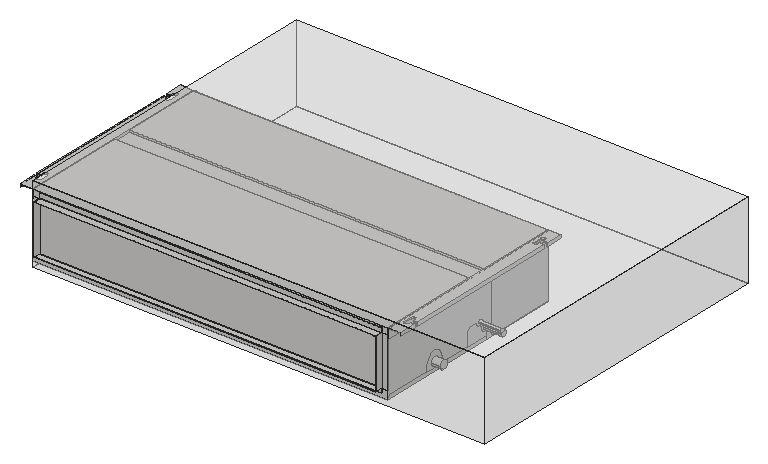
Revit family "outputfile", category 機械設備, Revit 2024
Family settings
  丸型コネクタ寸法 = 半径を使用
  パーツ タイプ = 標準
  OmniClass 番号 = 23.75.10.24.21.27.27
  OmniClass タイトル = Split System Air Conditioning Units
  作業面ベース = いいえ
  常に垂直 = はい
  ロード時にボイドで切り取り = いいえ
  注釈の向きを維持 = いいえ
  共有 = いいえ
  部屋計算ポイント = はい
Parameters (values of type "FDLF85DV1")
  Description = ""
  書き出し IFC クラス(タイプ) = "IfcUnitaryEquipmentType"
  定義済み IFC タイプ(タイプ) = "AIRCONDITIONINGUNIT"
  Cost = 0
  Type Comments = ""
  Keynote = ""
  Type Image = (empty or 0)
  Assembly Code = ""
  switch_frequency = yes
  ld_powersupply = Depth / 2  # 310 mm
  connector_voltage = Voltage_50Hz  # 230 V
  connector_powerinput = [Power Input (Cooling)]  # 0.000 kW
  connector_phase = Phase_50Hz  # 1
  angle_liquidpipe [instance] = if(Right Connection_refrigerant, 90.00°, 270.00°)  # 90.00°
  angle_gaspipe [instance] = if(Right Connection_refrigerant, 90.00°, 270.00°)  # 90.00°
  angle_drainpipe [instance] = if(Right Connection_refrigerant, 90.00°, 270.00°)  # 90.00°
  URL = ""
  Right Connection_refrigerant [instance] = yes
  製造元 = "Daikin"
  モデル = "FDLF85DV1"
  r_Liquid Pipe Size = Liquid Pipe Size / 2  # 4.75 mm
  r_Gas Pipe Size = Gas Pipe Size / 2  # 7.95 mm
  r_Drain Pipe Size = Drain Pipe Size / 2  # 12.5 mm
  lw_powersupply = 50 mm  # constant formula
  lw_ductflange2 = 1003 mm
  lw_Width = 1060 mm
  lh_suctionflange [instance] = 100 mm  # constant formula
  ld_suctionflange [instance] = if(Rear Connection_Return Air, 190.25 mm, 100.25 mm)  # 190.25 mm
  angle_vertical_RA [instance] = if(Rear Connection_Return Air, 90.00°, 0.00°)  # 90.00°
  angle horizontal_RA [instance] = if(Rear Connection_Return Air, 180.00°, 270.00°)  # 180.00°
  Voltage_comment_50Hz = "220 - 240"
  Voltage_50Hz = 230 V
  Supply Air Direction [instance] = yes
  Sound Power Level_H speed (dB) = 0
  Rear Connection_Return Air [instance] = not(Bottom Connection_Return Air)  # yes
  RA_length [instance] = if(Rear Connection_Return Air, 190.25 mm, 100 mm)  # 190.25 mm
  Phase_50Hz = 1
  Minimum External Static Pressure = 15.00 Pa
  Minimum Circuit Amps_50Hz = 0.0 A
  Maximum Fuse Amps_50Hz = 0.0 A
  Maximum External Static Pressure = 38.00 Pa
  Material_Casing = DAIKIN_GalvanizedSteel_Casing_indoorunit
  lw_liquidpipe = 621 mm
  lw_gaspipe = 608 mm
  lw_mountinghole = 1140 mm
  lw_drainpipe = 580 mm
  lh_powersupply = 150 mm  # constant formula
  lh_liquidpipe = 138 mm  # constant formula
  lh_gaspipe = 160 mm  # constant formula
  lh_mountinghole = Height  # 200 mm
  lh_drainpipe = 170 mm  # constant formula
  lh_antena = 1 mm  # constant formula
  ld_liquidpipe = 353 mm  # constant formula
  ld_gaspipe = 375 mm  # constant formula
  ld_mountinghole = 500 mm  # constant formula
  ld_drainpipe = 178 mm  # constant formula
  ld_controlbox = 626 mm  # constant formula
  h*** = 0 mm  # constant formula
  d_dischargeflange = 21.2 mm  # constant formula
  Width = 1100 mm
  Version = "ver.1.0"
  Unit Type = "L.S.P. Duct for Living Room"
  Unit Mass Weight = 31.00 kg
  Unit Designation [instance] = ""
  Uniclass2015Version = "Products v1.30"
  Uniclass2015Title = "Split coil room air conditioning units"
  Uniclass2015Code = "Pr_70_65_03_86"
  Total Cooling Capacity [instance] = 0.000 kW
  Sound Pressure Level_M speed (dBA) = 37
  Sound Pressure Level_L speed (dBA) = 34
  Sound Pressure Level_H speed (dBA) = 40
  Series = "SkyAir_Fan Coil Unit"
  Sensible Cooling Capacity [instance] = 0.000 kW
  SA Duct Size Width = 1060 mm
  SA Duct Size Height = 153 mm
  Refrigerant Type = "R32"
  RA Duct Size Width = 961 mm
  RA Duct Size Height = 160 mm
  Power Input (Cooling) = 0.000 kW
  Option Accessory 3 [instance] = ""
  Option Accessory 2 [instance] = ""
  Option Accessory 1 [instance] = ""
  Nominal Cooling Capacity = 8.500 kW
  Minimum Airflow = 990.00 m³/h
  Median Airflow = 1080.00 m³/h
  Maximum Airflow = 1200.00 m³/h
  Load Classification = HVAC
  Liquid Pipe Size = 9.5 mm
  Link_Nested Family [instance] = ""
  Left Connection_refrigerant [instance] = not(Right Connection_refrigerant)  # no
  IfcVersion = ""
  IfcExportType = "AIRCONDITIONINGUNIT"
  IfcExportAs = "IfcUnitaryEquipmentType"
  Height = 200 mm
  Heat Exchanger Type = "Cross Fin Coil"
  Gas Pipe Size = 15.9 mm
  Frequency_50Hz = 50 Hz
  Fan Type = "Sirocco Fan"
  Fan Drive = "Direct Drive"
  FCU Tag No. [instance] = ""
  Drain Pipe Size = 25.0 mm
  Design Supply Airflow [instance] = 0.00 m³/h
  Design Return Airflow [instance] = 0.00 m³/h
  Design External Static Pressure [instance] = 0.00 Pa
  Depth = 620 mm
  既定の高さ = 0 mm
  Cooling Entering Wet Bulb Temperature [instance] = 0.00 °C
  Cooling Entering Dry Bulb Temperature [instance] = 0.00 °C
  Cooling Ambient Wet Bulb Temperature [instance] = 0.00 °C
  Cooling Ambient Dry Bulb Temperature [instance] = 0.00 °C
  Clearance visibility [instance] = yes
  Clearance Top = 20 mm
  Clearance Right = 300 mm
  Clearance Rear = 400 mm
  Clearance Left = 0 mm
  Clearance Front = 0 mm
  Clearance Bottom = 20 mm
  Bottom Connection_Return Air [instance] = no
Reference planes
  plane 1 "Center (Front/Back)": y = 0
  plane 2: z = 0
  plane 3 "Center (Left/Right)": x = 0
  plane 4 "Back": y = 310
  plane 5 "Front": y = -310
  plane 6 "Left": x = -550
  plane 7 "Right": x = 550
  plane 8 "Top": z = 0
  plane 9 "Bottom": z = -200
  plane 10: x = -570
  plane 11: x = 570
  plane 12: y = 250
  plane 13: z = 0
  plane 14 "Clearance Left": x = -550
  plane 15 "Clearance Right": x = 850
  plane 16 "Clearance Rear": y = 710
  plane 17 "Clearance Front": y = -310
  plane 18 "Clearance Top": z = 20
  plane 19 "Clearance Bottom": z = -220
  plane 20: y = -250
  plane 21: z = -21
  plane 22: z = -97.5
  plane 23: x = -48.5
  plane 24: y = 119.75
  plane 25: z = -100
  plane 26: y = 65
  plane 27: z = -160
  plane 28: y = 43
  plane 29: z = -138
  plane 30: y = -132
  plane 31: z = -170
  plane 32: x = 608
  plane 33: x = 621
  plane 34: x = 580
  plane 35: x = 500
  plane 36: z = -150
  plane 37: x = -580
  plane 38: x = -621
  plane 39: x = -608
Forms (mm)
  Extrusion 1, solid, material "DAIKIN_GalvanizedSteel_Casing_indoorunit" <- "Material_Casing"
    sketch origin (0, 0, 0) x (1, 0, 0) y (0, 1, 0)
      loop
        line (-550, -310) -> (550, -310) -> (550, 310) -> (-550, 310) -> (-550, -310)
    from -200 to 0
  Extrusion 2, void
    sketch origin (0, 0, 1) x (1, 0, 0) y (0, 1, 0)
      loop
        line (-550, 61.5) -> (-550, 3.5) -> (550, 3.5) -> (550, 61.5) -> (-550, 61.5)
    from -1 to -7
  Extrusion 3, solid, material "DAIKIN_GalvanizedSteel_Casing_indoorunit" <- "Material_Casing", visible <- "Bottom Connection_Return Air"
    sketch origin (0, 0, 0) x (1, 0, 0) y (0, 0, 1)
      loop
        line (452, -199.25) -> (452, -0.75) -> (-549, -0.75) -> (-549, -199.25) -> (452, -199.25)
    from -310 to -309
  Extrusion 4, solid, material "DAIKIN_GalvanizedSteel_Casing_indoorunit" <- "Material_Casing", visible <- "Rear Connection_Return Air"
    sketch origin (0, 0, 0) x (1, 0, 0) y (0, 1, 0)
      loop
        line (-549, 309) -> (-549, 110.5) -> (452, 110.5) -> (452, 309) -> (-549, 309)
    from -200 to -199
  Extrusion 5, solid, material "DAIKIN_GalvanizedSteel_Casing_indoorunit" <- "Material_Casing", visible <- "Right Connection_refrigerant"
    sketch origin (550, 0, 0) x (0, 1, 0) y (0, 0, 1)
      loop
        circle (65, -160) r 7.95
    from 0 to 58
  Extrusion 6, solid, material "DAIKIN_GalvanizedSteel_Casing_indoorunit" <- "Material_Casing", visible <- "Right Connection_refrigerant"
    sketch origin (550, 0, 0) x (0, 1, 0) y (0, 0, 1)
      loop
        circle (43, -138) r 4.75
    from 0 to 71
  Extrusion 7, solid, material "DAIKIN_GalvanizedSteel_Casing_indoorunit" <- "Material_Casing", visible <- "Right Connection_refrigerant"
    sketch origin (550, 0, 0) x (0, 1, 0) y (0, 0, 1)
      loop
        line (-310, -200) -> (70, -200) -> (70, -190) -> (-310, -190) -> (-310, -200)
    from 0 to -1
  Extrusion 8, solid, material "DAIKIN_GalvanizedSteel_Casing_indoorunit" <- "Material_Casing", visible <- "Right Connection_refrigerant"
    sketch origin (550, 0, 0) x (0, 1, 0) y (0, 0, 1)
      loop
        arc (96, -27.5) -> (93.879, -28.379) -> (93, -30.5) r 3
        line (93, -30.5) -> (93, -194.5)
        arc (93, -194.5) -> (93.879, -196.621) -> (96, -197.5) r 3
        line (96, -197.5) -> (310, -197.5) -> (310, -27.5) -> (96, -27.5)
    from 0 to -1
  Extrusion 9, solid, material "DAIKIN_GalvanizedSteel_Casing_indoorunit" <- "Material_Casing", visible <- "Right Connection_refrigerant"
    sketch origin (550, 0, 0) x (0, 1, 0) y (0, 0, 1)
      loop
        arc (-104, -170) -> (-132, -142) -> (-160, -170) r 28
        line (-160, -170) -> (-160, -190) -> (-104, -190) -> (-104, -170)
    from 0 to -1
  Extrusion 10, solid, material "DAIKIN_GalvanizedSteel_Casing_indoorunit" <- "Material_Casing", visible <- "Right Connection_refrigerant"
    sketch origin (550, 0, 0) x (0, 1, 0) y (0, 0, 1)
      loop
        line (70, -190) -> (70, -174.671)
        arc (70, -174.671) -> (54.678, -171.563) -> (49.857, -156.691) r 15.5
        line (49.857, -156.691) -> (43.472, -150.991)
        arc (43.472, -150.991) -> (34.343, -147.698) -> (30.039, -139) r 13
        line (30.039, -139) -> (2, -139)
        arc (2, -139) -> (-0.121, -139.879) -> (-1, -142) r 3
        line (-1, -142) -> (-1, -190) -> (70, -190)
    from 0 to -1
  Extrusion 11, solid, material "DAIKIN_GalvanizedSteel_Casing_indoorunit" <- "Material_Casing", visible <- "Left Connection_refrigerant"
    sketch origin (-550, 0, 0) x (0, 1, 0) y (0, 0, 1)
      loop
        line (-310, -200) -> (70, -200) -> (70, -190) -> (-310, -190) -> (-310, -200)
    from 0 to -1
  Extrusion 12, solid, material "DAIKIN_GalvanizedSteel_Casing_indoorunit" <- "Material_Casing", visible <- "Left Connection_refrigerant"
    sketch origin (-550, 0, 0) x (0, 1, 0) y (0, 0, 1)
      loop
        arc (96, -27.5) -> (93.879, -28.379) -> (93, -30.5) r 3
        line (93, -30.5) -> (93, -194.5)
        arc (93, -194.5) -> (93.879, -196.621) -> (96, -197.5) r 3
        line (96, -197.5) -> (310, -197.5) -> (310, -27.5) -> (96, -27.5)
    from 0 to -1
  Extrusion 13, solid, material "DAIKIN_GalvanizedSteel_Casing_indoorunit" <- "Material_Casing", visible <- "Left Connection_refrigerant"
    sketch origin (-550, 0, 0) x (0, 1, 0) y (0, 0, 1)
      loop
        arc (-104, -170) -> (-132, -142) -> (-160, -170) r 28
        line (-160, -170) -> (-160, -190) -> (-104, -190) -> (-104, -170)
    from 0 to -1
  Extrusion 14, solid, material "DAIKIN_GalvanizedSteel_Casing_indoorunit" <- "Material_Casing", visible <- "Left Connection_refrigerant"
    sketch origin (-550, 0, 0) x (0, 1, 0) y (0, 0, 1)
      loop
        line (70, -190) -> (70, -174.671)
        arc (70, -174.671) -> (54.678, -171.563) -> (49.857, -156.691) r 15.5
        line (49.857, -156.691) -> (43.472, -150.991)
        arc (43.472, -150.991) -> (34.343, -147.698) -> (30.039, -139) r 13
        line (30.039, -139) -> (2, -139)
        arc (2, -139) -> (-0.121, -139.879) -> (-1, -142) r 3
        line (-1, -142) -> (-1, -190) -> (70, -190)
    from 0 to -1
  Extrusion 15, solid, material "DAIKIN_GalvanizedSteel_Casing_indoorunit" <- "Material_Casing", visible <- "Left Connection_refrigerant"
    sketch origin (-550, 0, 0) x (0, 1, 0) y (0, 0, 1)
      loop
        circle (43, -138) r 4.75
    from -71 to 0
  Extrusion 16, solid, material "DAIKIN_GalvanizedSteel_Casing_indoorunit" <- "Material_Casing", visible <- "Left Connection_refrigerant"
    sketch origin (-550, 0, 0) x (0, 1, 0) y (0, 0, 1)
      loop
        circle (65, -160) r 7.95
    from -58 to 0
  Extrusion 17, solid, material "DAIKIN_GalvanizedSteel_Casing_indoorunit" <- "Material_Casing", visible <- "Left Connection_refrigerant"
    sketch origin (-550, 0, 0) x (0, 1, 0) y (0, 0, 1)
      loop
        circle (-132, -170) r 12.5
    from -30 to 0
  Extrusion 18, solid, material "DAIKIN_GalvanizedSteel_Casing_indoorunit" <- "Material_Casing", visible <- "Right Connection_refrigerant"
    sketch origin (550, 0, 0) x (0, 1, 0) y (0, 0, 1)
      loop
        circle (-132, -170) r 12.5
    from 0 to 30
Cuts and joins
  Extrusion 2 cuts Extrusion 1
Dimensions and locks
  "Height": plane 8 "Top" to plane 9 "Bottom"
  equal spacing: plane 10, plane 3 "Center (Left/Right)", plane 11
  "lw_mountinghole": plane 10 to plane 11
  equal spacing: plane 6 "Left", plane 3 "Center (Left/Right)", plane 7 "Right"
  "Width": plane 6 "Left" to plane 7 "Right"
  "Clearance Right": plane 7 "Right" to plane 15 "Clearance Right"
  "Clearance Left": plane 14 "Clearance Left" to plane 6 "Left"
  "Clearance Rear": plane 16 "Clearance Rear" to plane 4 "Back"
  "Clearance Front": plane 5 "Front" to plane 17 "Clearance Front"
  "Clearance Top": plane 18 "Clearance Top" to plane 8 "Top"
  "Clearance Bottom": plane 9 "Bottom" to plane 19 "Clearance Bottom"
  "Depth": plane 4 "Back" to plane 5 "Front"
  equal spacing: plane 4 "Back", plane 1 "Center (Front/Back)", plane 5 "Front"
  Extrusion 3 sketch curve to Extrusion 3 sketch curve = 198.5 mm
  locked: plane 20 to plane 5 "Front" at 60
  "ld_mountinghole": plane 12 to plane 20
  locked: plane 8 "Top" to plane 21 at 21
  locked: plane 23 to plane 3 "Center (Left/Right)" at 48.5
  "ld_suctionflange": plane 4 "Back" to plane 24
  "lh_suctionflange": plane 8 "Top" to plane 25
  "ld_gaspipe": plane 26 to plane 5 "Front"
  "lh_gaspipe": plane 8 "Top" to plane 27
  "ld_liquidpipe": plane 28 to plane 5 "Front"
  "lh_liquidpipe": plane 8 "Top" to plane 29
  "ld_drainpipe": plane 30 to plane 5 "Front"
  "lh_drainpipe": plane 8 "Top" to plane 31
  "lw_powersupply": plane 35 to plane 7 "Right"
  "lh_powersupply": plane 8 "Top" to plane 36
  "lw_gaspipe": plane 3 "Center (Left/Right)" to plane 32
  "lw_liquidpipe": plane 3 "Center (Left/Right)" to plane 33
  "lw_drainpipe": plane 3 "Center (Left/Right)" to plane 34
  "lw_liquidpipe": plane 38 to plane 3 "Center (Left/Right)"
  "lw_gaspipe": plane 39 to plane 3 "Center (Left/Right)"
  "lw_drainpipe": plane 37 to plane 3 "Center (Left/Right)"
  "r_Gas Pipe Size": radius of Extrusion 5 sketch curve
  "r_Liquid Pipe Size": radius of Extrusion 6 sketch curve
  "r_Liquid Pipe Size": radius of Extrusion 15 sketch curve
  "r_Gas Pipe Size": radius of Extrusion 16 sketch curve
  "r_Drain Pipe Size": radius of Extrusion 17 sketch curve
  "r_Drain Pipe Size": radius of Extrusion 18 sketch curve
  aligned and locked: level to plane 2
  aligned and locked: Extrusion 1 to plane 9 "Bottom"
  aligned and locked: plane 8 "Top" to Extrusion 1
  aligned and locked: plane 11 to nested 2
  aligned and locked: plane 10 to nested 3
  aligned and locked: plane 10 to nested 4
  aligned and locked: plane 8 "Top" to Extrusion 2
  aligned and locked: plane 9 "Bottom" to Extrusion 4  (x2)
  aligned and locked: plane 7 "Right" to cut or joined group of Extrusion 1, Extrusion 2  (x2)
  aligned and locked: plane 3 "Center (Left/Right)" to nested 9
  aligned and locked: plane 6 "Left" to nested 7
  aligned and locked: plane 8 "Top" to nested 9
  aligned and locked: plane 11 to nested 1
  aligned and locked: nested 6 to plane 1 "Center (Front/Back)"
  aligned and locked: plane 3 "Center (Left/Right)" to nested 6
  aligned and locked: level to plane 8 "Top"
  aligned and locked: plane 1 "Center (Front/Back)" to nested 9
  aligned and locked: plane 5 "Front" to nested 10
  aligned and locked: Extrusion 1 sketch curve to plane 5 "Front"
  aligned and locked: plane 21 to nested 10
  aligned and locked: nested 5 to plane 5 "Front"
  aligned and locked: plane 3 "Center (Left/Right)" to nested 5
  aligned and locked: plane 22 to nested 5
  aligned and locked: Extrusion 2 sketch curve to plane 6 "Left"
  aligned and locked: plane 7 "Right" to Extrusion 2 sketch curve
  aligned and locked: nested 11 to plane 23
  aligned and locked: nested 11 to plane 24
  aligned and locked: plane 27 to Extrusion 5 sketch curve
  aligned and locked: plane 26 to Extrusion 5 sketch curve
  aligned and locked: plane 28 to Extrusion 6 sketch curve
  aligned and locked: plane 29 to Extrusion 6 sketch curve
  aligned and locked: plane 32 to Extrusion 5
  aligned and locked: plane 33 to Extrusion 6
  aligned and locked: Extrusion 7 sketch curve to plane 9 "Bottom"
  aligned and locked: Extrusion 7 sketch curve to plane 5 "Front"
  aligned and locked: plane 14 "Clearance Left" to nested 12
  aligned and locked: plane 15 "Clearance Right" to nested 12
  aligned and locked: plane 16 "Clearance Rear" to nested 12
  aligned and locked: nested 12 to plane 17 "Clearance Front"
  aligned and locked: nested 12 to plane 18 "Clearance Top"
  aligned and locked: nested 12 to plane 19 "Clearance Bottom"
  aligned and locked: nested 13 to plane 35
  aligned and locked: nested 13 to plane 36
  aligned and locked: plane 4 "Back" to nested 13
  aligned and locked: nested 14 to plane 26
  aligned and locked: plane 3 "Center (Left/Right)" to nested 14
  aligned and locked: nested 14 to plane 27
  aligned and locked: nested 15 to plane 28
  aligned and locked: plane 3 "Center (Left/Right)" to nested 15
  aligned and locked: nested 15 to plane 29
  aligned and locked: nested 16 to plane 30
  aligned and locked: plane 3 "Center (Left/Right)" to nested 16
  aligned and locked: nested 16 to plane 31
  aligned and locked: plane 29 to Extrusion 15 sketch curve
  aligned and locked: plane 28 to Extrusion 15 sketch curve
  aligned and locked: Extrusion 15 to plane 38
  aligned and locked: plane 6 "Left" to Extrusion 15
  aligned and locked: plane 26 to Extrusion 16 sketch curve
  aligned and locked: plane 27 to Extrusion 16 sketch curve
  aligned and locked: Extrusion 16 to plane 39
  aligned and locked: plane 6 "Left" to Extrusion 16
  aligned and locked: plane 30 to Extrusion 17 sketch curve
  aligned and locked: Extrusion 17 to plane 37
  aligned and locked: plane 6 "Left" to Extrusion 17
  aligned and locked: Extrusion 5 to plane 7 "Right"
  aligned and locked: Extrusion 6 to plane 7 "Right"
  aligned and locked: plane 30 to Extrusion 18 sketch curve
  aligned and locked: plane 31 to Extrusion 18 sketch curve
  aligned and locked: plane 34 to Extrusion 18
  aligned and locked: Extrusion 18 to plane 7 "Right"
Automatic sketch dimensions
  Extrusion 1 sketch curve to plane 4 "Back" = 0 mm
  Extrusion 1 sketch curve to plane 6 "Left" = 0 mm
  Extrusion 1 sketch curve to plane 7 "Right" = 0 mm
  Extrusion 2 sketch curve to plane 1 "Center (Front/Back)" = 3.5 mm
  Extrusion 2 sketch curve to plane 26 = 3.5 mm
  plane 9 "Bottom" to Extrusion 3 sketch curve = 0.75 mm
  plane 6 "Left" to Extrusion 3 sketch curve = 1 mm
  Extrusion 3 sketch curve to plane 35 = 48 mm
  Extrusion 4 sketch curve to plane 4 "Back" = 1 mm
  plane 6 "Left" to Extrusion 4 sketch curve = 1 mm
  Extrusion 4 sketch curve to plane 35 = 48 mm
  Extrusion 4 sketch curve to plane 24 = 9.25 mm
  plane 26 to Extrusion 7 sketch curve = 5 mm
  Extrusion 7 sketch curve to Extrusion 7 sketch curve = 10 mm
  Extrusion 8 sketch curve to plane 21 = 9.5 mm
  Extrusion 8 sketch curve to plane 24 = 23.75 mm  (x2)
  plane 9 "Bottom" to Extrusion 8 sketch curve = 5.5 mm
  Extrusion 8 sketch curve to Extrusion 8 sketch curve = 3 mm
  Extrusion 9 sketch curve to plane 31 = 0 mm
  Extrusion 9 sketch curve to plane 30 = 0 mm
  plane 9 "Bottom" to Extrusion 9 sketch curve = 10 mm
  Extrusion 9 sketch curve to plane 30 = 28 mm
  Extrusion 10 sketch curve to plane 28 = 0 mm
  Extrusion 10 sketch curve to plane 26 = 0 mm
  Extrusion 10 sketch curve to plane 27 = 0 mm
  Extrusion 10 sketch curve to plane 29 = 0 mm
  Extrusion 10 sketch curve to plane 29 = 1 mm
  Extrusion 10 sketch curve to plane 28 = 12.961 mm
  Extrusion 10 sketch curve to plane 1 "Center (Front/Back)" = 2 mm
  plane 1 "Center (Front/Back)" to Extrusion 10 sketch curve = 1 mm
  plane 28 to Extrusion 10 sketch curve = 0.472 mm
  plane 27 to Extrusion 10 sketch curve = 3.309 mm
  plane 28 to Extrusion 10 sketch curve = 6.857 mm
  plane 26 to Extrusion 10 sketch curve = 5 mm
  plane 9 "Bottom" to Extrusion 10 sketch curve = 10 mm
  Extrusion 8 sketch curve to plane 4 "Back" = 0 mm
  Extrusion 17 sketch curve to plane 31 = 0 mm
  Extrusion 12 sketch curve to plane 4 "Back" = 0 mm
  plane 9 "Bottom" to Extrusion 12 sketch curve = 5.5 mm
  Extrusion 12 sketch curve to plane 24 = 23.75 mm  (x2)
  Extrusion 12 sketch curve to plane 21 = 6.5 mm
  Extrusion 12 sketch curve to Extrusion 12 sketch curve = 3 mm
  Extrusion 14 sketch curve to plane 28 = 0 mm
  Extrusion 14 sketch curve to plane 26 = 0 mm
  Extrusion 14 sketch curve to plane 27 = 0 mm
  Extrusion 14 sketch curve to plane 29 = 0 mm
  Extrusion 14 sketch curve to plane 29 = 1 mm
  Extrusion 14 sketch curve to plane 28 = 12.961 mm
  Extrusion 14 sketch curve to plane 1 "Center (Front/Back)" = 2 mm
  plane 1 "Center (Front/Back)" to Extrusion 14 sketch curve = 1 mm
  plane 28 to Extrusion 14 sketch curve = 0.472 mm
  plane 27 to Extrusion 14 sketch curve = 3.309 mm
  plane 28 to Extrusion 14 sketch curve = 6.857 mm
  plane 26 to Extrusion 14 sketch curve = 5 mm
  plane 9 "Bottom" to Extrusion 14 sketch curve = 10 mm
  Extrusion 11 sketch curve to plane 5 "Front" = 0 mm
  Extrusion 11 sketch curve to plane 9 "Bottom" = 0 mm
  plane 26 to Extrusion 11 sketch curve = 5 mm
  Extrusion 11 sketch curve to Extrusion 11 sketch curve = 10 mm
  Extrusion 13 sketch curve to plane 31 = 0 mm
  Extrusion 13 sketch curve to plane 30 = 0 mm
  plane 9 "Bottom" to Extrusion 13 sketch curve = 10 mm
  Extrusion 13 sketch curve to plane 30 = 28 mm
Nested families
  nested 1: "daikin_mountinghole" at (570, 250, -200), l_antenna <- "lh_antena", Link_Nested Family <- "Link_Nested Family", h_mountinghole <- "lh_mountinghole", type "daikin_mountinghole"
    with show yes, l_antenna 1 mm, h_mountinghole 200 mm, Link_Nested Family ""
  nested 2: "daikin_mountinghole" at (570, -250, -200), Link_Nested Family <- "Link_Nested Family", l_antenna <- "lh_antena", h_mountinghole <- "lh_mountinghole", type "daikin_mountinghole"
    with show yes, l_antenna 1 mm, h_mountinghole 200 mm, Link_Nested Family ""
  nested 3: "daikin_mountinghole" at (-570, -250, -200), l_antenna <- "lh_antena", Link_Nested Family <- "Link_Nested Family", h_mountinghole <- "lh_mountinghole", type "daikin_mountinghole"
    with show yes, l_antenna 1 mm, h_mountinghole 200 mm, Link_Nested Family ""
  nested 4: "daikin_mountinghole" at (-570, 250, -200), l_antenna <- "lh_antena", Link_Nested Family <- "Link_Nested Family", h_mountinghole <- "lh_mountinghole", type "daikin_mountinghole"
    with show yes, l_antenna 1 mm, h_mountinghole 200 mm, Link_Nested Family ""
  nested 5: "daikin_connector_rotate2" at (0, -310, -97.5), length <- "d_dischargeflange", type "daikin_connector_rotate2"
    with radius 10 mm, length 21.2 mm, angle_vertical 90.00°, show_face no
  nested 6: "daikin_△_symbolicline" at (-75, -129.904, 200) x (-0.5, 0.866, 0) z (0, 0, 1), built-in parameter 1001364 <- "Height", visible <- "Supply Air Direction", type "daikin_△_symbolicline"
    with length 300 mm
  nested 7: "daikin_ductflange_FDLF-DV1_1" at (-48.5, 310, -100), visible <- "Rear Connection_Return Air", material <- "Material_Casing", width <- "lw_ductflange2", type "daikin_ductflange_FDLF-DV1_1"
    with width 1003 mm, material DAIKIN_GalvanizedSteel_Casing_indoorunit, height 180 mm, depth 21.2 mm
  nested 8: "daikin_ductflange_FDLF-DV1_1" at (-48.5, 209.75, -200) x (1, 0, 0) z (0, 1, 0), visible <- "Bottom Connection_Return Air", material <- "Material_Casing", width <- "lw_ductflange2", type "daikin_ductflange_FDLF-DV1_1"
    with width 1003 mm, material DAIKIN_GalvanizedSteel_Casing_indoorunit, height 180 mm, depth 21.2 mm
  nested 9: "daikin_hangerfixture_FDLF-DV1" at (0, 0, 0), type "daikin_hangerfixture_FDLF-DV1"
    with width 1100 mm
  nested 10: "daikin_ductflange_FDLF-DV1" at (0, 3.5, -364.201), width <- "lw_Width", material <- "Material_Casing", type "daikin_ductflange_FDLF-DV1"
    with width 1060 mm, material DAIKIN_GalvanizedSteel_Casing_indoorunit, height 155 mm, depth 21.2 mm
  nested 11: "daikin_connector_rotate3" at (-48.5, 119.75, -100), length <- "RA_length", angle_vertical <- "angle_vertical_RA", angle_horizontal <- "angle horizontal_RA", type "daikin_connector_rotate3"
    with show no, radius 10 mm, length 190.25 mm, angle_vertical 90.00°, angle_horizontal 180.00°
  nested 12: "daikin_clearancespace" at (150, 200, -99.881), visible <- "Clearance visibility", Link_Nested Family <- "Link_Nested Family", show <- "Clearance visibility", type "daikin_clearancespace"
    with width 1400 mm, show yes, height 240 mm, depth 1020 mm, Link_Nested Family ""
  nested 13: "daikin_connector_rotate2" at (500, 0, -150) x (-1, 0, 0) z (0, 0, 1), length <- "ld_powersupply", type "daikin_connector_rotate2"
    with radius 10 mm, length 310 mm, angle_vertical 90.00°, show_face no
  nested 14: "daikin_connector_rotate3" at (0, 65, -160), angle_vertical <- "angle_gaspipe", radius <- "r_Gas Pipe Size", length <- "lw_gaspipe", type "daikin_connector_rotate3"
    with show no, radius 7.95 mm, length 608 mm, angle_vertical 90.00°, angle_horizontal 90.00°
  nested 15: "daikin_connector_rotate3" at (0, 43, -138), angle_vertical <- "angle_liquidpipe", length <- "lw_liquidpipe", radius <- "r_Liquid Pipe Size", type "daikin_connector_rotate3"
    with show no, radius 4.75 mm, length 621 mm, angle_vertical 90.00°, angle_horizontal 90.00°
  nested 16: "daikin_connector_rotate3" at (0, -132, -170), angle_vertical <- "angle_drainpipe", length <- "lw_drainpipe", radius <- "r_Drain Pipe Size", type "daikin_connector_rotate3"
    with show no, radius 12.5 mm, length 580 mm, angle_vertical 90.00°, angle_horizontal 90.00°
Connectors
  hvac at (0, -331.2, -97.5), driven by "SA Duct Size Height", driven by "SA Duct Size Width"
    settings: on nested 5, index 1, duct flow 0.00 m³/h, flow factor 0, pres drop 0.00 Pa, loss coef 0, conn angle 0.00°, conn width 1060.0 mm, conn height 153.0 mm, conn diameter 609.6 mm, duct sys type 1, conn prof type 1, flow config 0, flow direction 2, loss method 4, conn ref index -1, conn util no, is conn primary yes, conn desc "SA Duct"
  hvac at (-48.5, 310, -100), driven by "RA Duct Size Height", driven by "RA Duct Size Width"
    settings: on nested 11, index 2, duct flow 0.00 m³/h, flow factor 0, pres drop 0.00 Pa, loss coef 0, conn angle 0.00°, conn width 961.0 mm, conn height 160.0 mm, conn diameter 609.6 mm, duct sys type 2, conn prof type 1, flow config 0, flow direction 1, loss method 4, conn ref index -1, conn util no, is conn primary no, conn desc "RA Duct"
  electrical at (500, 310, -150), driven by "Load Classification", driven by "connector_phase", driven by "connector_powerinput", driven by "connector_voltage"
    settings: on nested 13, index 6, voltage 230 V, apparent load 0 VA, apparent load phase1 0 VA, apparent load phase2 0 VA, apparent load phase3 0 VA, power factor 1, load classification "HVAC", number of poles 1, system type 30, power factor state 1, is connector primary yes, connector utility no, sub classification motor no, connector description "Power Supply"
  piping at (608, 65, -160), diameter 15.9, driven by "r_Gas Pipe Size"
    settings: on nested 14, index 7, connector inside diameter 609.6 mm, connector length 0 mm, flow factor 0, pipe flow 0.00 m³/h, pressure drop 0.0 Pa, fitting loss kfactor 0, connector angle 0.00°, fixture units 0, engagement length 0 mm, angle of deflection 0.00°, flow configuration 1, flow direction 2, fitting loss method 0, system type 29, joint type 0, gender type 0, connector reference index -1, connector utility 0, adjustable connector no, is connector primary yes, connector description "Refrigerant Gas Piping"
  piping at (621, 43, -138), diameter 9.5, driven by "r_Liquid Pipe Size"
    settings: on nested 15, index 8, connector inside diameter 609.6 mm, connector length 0 mm, flow factor 0, pipe flow 0.00 m³/h, pressure drop 0.0 Pa, fitting loss kfactor 0, connector angle 0.00°, fixture units 0, engagement length 0 mm, angle of deflection 0.00°, flow configuration 1, flow direction 1, fitting loss method 0, system type 29, joint type 0, gender type 0, connector reference index -1, connector utility 0, adjustable connector no, is connector primary no, connector description "Refrigerant Liquid Piping"
  piping at (580, -132, -170), diameter 25, driven by "r_Drain Pipe Size"
    settings: on nested 16, index 9, connector inside diameter 609.6 mm, connector length 0 mm, flow factor 0, pipe flow 0.00 m³/h, pressure drop 0.0 Pa, fitting loss kfactor 0, connector angle 0.00°, fixture units 0, engagement length 0 mm, angle of deflection 0.00°, flow configuration 1, flow direction 2, fitting loss method 4, system type 16, joint type 0, gender type 0, connector reference index -1, connector utility 0, adjustable connector no, is connector primary no, connector description "Condensate Drain Piping"
Definition of nested family "daikin_ductflange_FDLF-DV1_1"
  Parameters (values of type "daikin_ductflange_FDLF-DV1_1")
    width [instance] = 620 mm
    material [instance] = none
    height [instance] = 180 mm
    depth [instance] = 21.2 mm
    Default Elevation = 0 mm
  Reference planes
    plane 1 "Center (Front/Back)": y = 0
    plane 2: z = 0
    plane 3 "Center (Left/Right)": x = 0
    plane 4: x = -310
    plane 5: x = 310
    plane 6: z = 90
    plane 7: z = -90
    plane 8: z = 100.25
    plane 9: z = -100.25
    plane 10: x = -309
    plane 11: x = 309
  Forms (mm)
    Extrusion 1, solid, material <- "material"
      sketch origin (0, 0, 0) x (1, 0, 0) y (0, 0, 1)
        loop
          line (-300.5, 90) -> (-300.5, -90) -> (300.5, -90) -> (300.5, 90) -> (-300.5, 90)
        loop
          line (-309, -99.25) -> (309, -99.25) -> (309, 99.25) -> (-309, 99.25) -> (-309, -99.25)
      from 0 to 1
  Dimensions and locks
    equal spacing: plane 5, plane 3 "Center (Left/Right)", plane 4, locked at 310 each
    "width": plane 5 to plane 4
    equal spacing: plane 6, level, plane 7, locked at 90 each
    "height": plane 6 to plane 7
    equal spacing: plane 8, level, plane 9
    plane 10 to plane 4 = 1 mm
    locked: plane 5 to plane 11 at 1
    locked: Extrusion 1 sketch curve to Extrusion 1 sketch curve at 8.5  (x2)
    plane 8 to Extrusion 1 sketch curve = 1 mm
    locked: Extrusion 1 sketch curve to plane 9 at 1
    locked: plane 8 to plane 9 at 200.5
    aligned and locked: level to plane 2
    aligned and locked: Extrusion 1 sketch curve to plane 6
    aligned and locked: plane 7 to Extrusion 1 sketch curve
  Automatic sketch dimensions
    plane 4 to Extrusion 1 sketch curve = 1 mm
    Extrusion 1 sketch curve to plane 5 = 1 mm
Definition of nested family "daikin_hangerfixture_FDLF-DV1"
  Parameters (values of type "daikin_hangerfixture_FDLF-DV1")
    width = 900 mm
    material = none
    height = 30 mm
    depth = 620 mm
    Default Elevation = 0 mm
  Reference planes
    plane 1 "Center (Front/Back)": y = 0
    plane 2: z = 0
    plane 3 "Center (Left/Right)": x = 0
    plane 4: x = 450
    plane 5: y = 310
    plane 6: y = -310
    plane 7: x = -450
    plane 8: z = -30
  Forms (mm)
    Extrusion 1, solid, material <- "material"
      sketch origin (0, 0, 0) x (1, 0, 0) y (0, 0, 1)
        loop
          line (450, 0) -> (450, -30) -> (452.3, -30) -> (452.3, -2.3) -> (487.7, -2.3) -> (487.7, -10) -> (490, -10) -> (490, 0) -> (450, 0)
      from -310 to 310
    Extrusion 2, void
      sketch origin (0, 0, 0) x (0, 1, 0) y (0, 0, 1)
        loop
          line (310, -30) -> (310, -17.979) -> (87.935, -17.979) -> (75.914, -30) -> (310, -30)
      from -786.78 to 600.701
    Extrusion 3, void
      sketch origin (0, 0, 0) x (1, 0, 0) y (0, 1, 0)
        loop
          line (490, -244.5) -> (477, -244.5) -> (477, -238)
          arc (477, -238) -> (470, -231) -> (463, -238) r 7
          line (463, -238) -> (463, -264)
          arc (463, -264) -> (470, -271) -> (477, -264) r 7
          line (477, -264) -> (477, -257.5) -> (490, -257.5) -> (490, -244.5)
        loop
          line (490, 244.5) -> (490, 257.5) -> (477, 257.5) -> (477, 264)
          arc (477, 264) -> (470, 271) -> (463, 264) r 7
          line (463, 264) -> (463, 238)
          arc (463, 238) -> (470, 231) -> (477, 238) r 7
          line (477, 238) -> (477, 244.5) -> (490, 244.5)
      from -254.96 to 618
    Extrusion 4, solid, material <- "material"
      sketch origin (0, 0, 0) x (-1, 0, 0) y (0, 0, -1)
        loop
          line (450, 0) -> (490, 0) -> (490, 10) -> (487.7, 10) -> (487.7, 2.3) -> (452.3, 2.3) -> (452.3, 30) -> (450, 30) -> (450, 0)
      from -310 to 310
    Extrusion 5, void
      sketch origin (0, 0, 0) x (-1, 0, 0) y (0, -1, 0)
        loop
          line (490, 244.5) -> (490, 257.5) -> (477, 257.5) -> (477, 264)
          arc (477, 264) -> (470, 271) -> (463, 264) r 7
          line (463, 264) -> (463, 238)
          arc (463, 238) -> (470, 231) -> (477, 238) r 7
          line (477, 238) -> (477, 244.5) -> (490, 244.5)
        loop
          line (490, -244.5) -> (477, -244.5) -> (477, -238)
          arc (477, -238) -> (470, -231) -> (463, -238) r 7
          line (463, -238) -> (463, -264)
          arc (463, -264) -> (470, -271) -> (477, -264) r 7
          line (477, -264) -> (477, -257.5) -> (490, -257.5) -> (490, -244.5)
      from -254.96 to 618
  Cuts and joins
    Extrusion 2, Extrusion 3, Extrusion 5 cuts Extrusion 1
    Extrusion 2, Extrusion 5 cuts Extrusion 4
  Dimensions and locks
    equal spacing: plane 5, plane 1 "Center (Front/Back)", plane 6
    "depth": plane 5 to plane 6
    plane 6 to plane 1 "Center (Front/Back)" to plane 5 = 310 mm, 310 mm
    equal spacing: plane 4, plane 3 "Center (Left/Right)", plane 7
    "width": plane 4 to plane 7
    "height": level to plane 8
    aligned and locked: level to plane 2
    aligned and locked: plane 5 to Extrusion 1
    aligned and locked: Extrusion 1 to plane 6
    aligned and locked: Extrusion 1 to plane 4
    aligned and locked: plane 5 to cut or joined group of Extrusion 1, Extrusion 2, Extrusion 3, Extrusion 5
    aligned and locked: cut or joined group of Extrusion 1, Extrusion 2, Extrusion 3, Extrusion 5 to plane 6
    aligned and locked: level to cut or joined group of Extrusion 1, Extrusion 2, Extrusion 3, Extrusion 5
    aligned and locked: cut or joined group of Extrusion 1, Extrusion 2, Extrusion 3, Extrusion 5 to plane 8
    aligned and locked: plane 5 to cut or joined group of Extrusion 2, Extrusion 4, Extrusion 5
    aligned and locked: cut or joined group of Extrusion 2, Extrusion 4, Extrusion 5 to plane 6
  Automatic sketch dimensions
    Extrusion 1 sketch curve to plane 4 = 0 mm
    Extrusion 1 sketch curve to plane 8 = 0 mm
    Extrusion 1 sketch curve to level = 0 mm
    plane 4 to Extrusion 1 sketch curve = 2.3 mm
    Extrusion 1 sketch curve to level = 2.3 mm
    Extrusion 1 sketch curve to Extrusion 1 sketch curve = 35.4 mm
    Extrusion 1 sketch curve to Extrusion 1 sketch curve = 2.3 mm
    Extrusion 1 sketch curve to Extrusion 1 sketch curve = 7.7 mm
    Extrusion 2 sketch curve to plane 8 = 0 mm
    Extrusion 2 sketch curve to plane 5 = 0 mm
    plane 8 to Extrusion 2 sketch curve = 12.021 mm
    Extrusion 2 sketch curve to plane 1 "Center (Front/Back)" = 87.935 mm
    Extrusion 2 sketch curve to Extrusion 2 sketch curve = 12.021 mm
    plane 4 to Extrusion 3 sketch curve = 13 mm  (x2)
    Extrusion 3 sketch curve to Extrusion 3 sketch curve = 7 mm  (x4)
    Extrusion 3 sketch curve to Extrusion 3 sketch curve = 13 mm  (x4)
    plane 6 to Extrusion 3 sketch curve = 46 mm
    Extrusion 3 sketch curve to Extrusion 3 sketch curve = 6.5 mm  (x4)
    Extrusion 3 sketch curve to plane 5 = 72 mm
    Extrusion 4 sketch curve to plane 7 = 0 mm
    Extrusion 4 sketch curve to plane 8 = 0 mm
    Extrusion 4 sketch curve to level = 0 mm
    Extrusion 4 sketch curve to plane 7 = 2.3 mm
    Extrusion 4 sketch curve to level = 2.3 mm
    Extrusion 4 sketch curve to Extrusion 4 sketch curve = 35.4 mm
    Extrusion 4 sketch curve to Extrusion 4 sketch curve = 2.3 mm
    Extrusion 4 sketch curve to Extrusion 4 sketch curve = 7.7 mm
    Extrusion 5 sketch curve to plane 7 = 13 mm  (x2)
    Extrusion 5 sketch curve to Extrusion 5 sketch curve = 7 mm  (x4)
    Extrusion 5 sketch curve to Extrusion 5 sketch curve = 13 mm  (x4)
    Extrusion 5 sketch curve to plane 5 = 46 mm
    Extrusion 5 sketch curve to Extrusion 5 sketch curve = 6.5 mm  (x4)
    plane 6 to Extrusion 5 sketch curve = 72 mm
Definition of nested family "daikin_ductflange_FDLF-DV1"
  Parameters (values of type "daikin_ductflange_FXDQ-NDVET")
    width [instance] = 660 mm
    material [instance] = none
    height [instance] = 155 mm
    depth [instance] = 21.2 mm
    Default Elevation = 0 mm
  Reference planes
    plane 1 "Center (Front/Back)": y = 0
    plane 2: z = 189.201
    plane 3 "Center (Left/Right)": x = 0
    plane 4: y = -313.5
    plane 5: x = -330
    plane 6: x = 330
    plane 7: y = -334.7
    plane 8: z = 344.201
    plane 9: z = 266.701
    plane 10: z = 343.201
    plane 11: z = 190.201
  Forms (mm)
    Extrusion 1, solid, material <- "material"
      sketch origin (0, 0, 189.201) x (1, 0, 0) y (0, 1, 0)
        loop
          line (-330, -334.7) -> (-330, -313.5) -> (-350, -313.5) -> (-350, -314.5) -> (-331, -314.5) -> (-331, -334.7) -> (-330, -334.7)
        loop
          line (330, -334.7) -> (331, -334.7) -> (331, -314.5) -> (350, -314.5) -> (350, -313.5) -> (330, -313.5) -> (330, -334.7)
      from 1 to 154
    Extrusion 2, solid, material <- "material"
      sketch origin (0, 0, 0) x (0, 1, 0) y (0, 0, 1)
        loop
          line (-313.5, 343.201) -> (-313.5, 358.201) -> (-314.5, 358.201) -> (-314.5, 344.201) -> (-334.7, 344.201) -> (-334.7, 343.201) -> (-313.5, 343.201)
        loop
          line (-313.5, 190.201) -> (-334.7, 190.201) -> (-334.7, 189.201) -> (-314.5, 189.201) -> (-314.5, 175.201) -> (-313.5, 175.201) -> (-313.5, 190.201)
      from -330 to 330
  Dimensions and locks
    plane 4 to plane 1 "Center (Front/Back)" = 313.5 mm
    "depth": plane 7 to plane 4
    equal spacing: plane 8, plane 9, level
    "height": plane 8 to level
    equal spacing: plane 6, plane 3 "Center (Left/Right)", plane 5
    "width": plane 6 to plane 5
    locked: plane 8 to plane 10 at 1
    locked: plane 11 to level at 1
    locked: Extrusion 1 to Extrusion 2 sketch curve at 1
    locked: Extrusion 2 sketch curve to Extrusion 1 at 1
    plane 10 to plane 11 = 153 mm
    aligned and locked: level to plane 2
    aligned and locked: Extrusion 2 to plane 5
    aligned and locked: Extrusion 2 to plane 11
    aligned and locked: Extrusion 2 to plane 10
    aligned and locked: plane 6 to Extrusion 2
    aligned and locked: plane 5 to Extrusion 2  (x2)
    aligned and locked: plane 5 to Extrusion 1  (x2)
    aligned and locked: Extrusion 1 to plane 6
    aligned and locked: plane 6 to Extrusion 1
    aligned and locked: Extrusion 1 to plane 10
  Automatic sketch dimensions
    Extrusion 2 sketch curve to plane 7 = 0 mm  (x2)
    Extrusion 2 sketch curve to plane 4 = 0 mm  (x2)
    Extrusion 2 sketch curve to plane 11 = 0 mm
    Extrusion 2 sketch curve to plane 10 = 0 mm
    Extrusion 2 sketch curve to plane 4 = 1 mm  (x2)
    Extrusion 2 sketch curve to level = 14 mm
    plane 8 to Extrusion 2 sketch curve = 14 mm
    Extrusion 1 sketch curve to plane 4 = 0 mm  (x2)
    Extrusion 1 sketch curve to plane 7 = 0 mm  (x2)
    Extrusion 1 sketch curve to plane 5 = 0 mm
    Extrusion 1 sketch curve to plane 6 = 0 mm
    Extrusion 1 sketch curve to plane 5 = 1 mm
    Extrusion 1 sketch curve to Extrusion 1 sketch curve = 19 mm  (x2)
    Extrusion 1 sketch curve to Extrusion 1 sketch curve = 1 mm
    Extrusion 1 sketch curve to plane 4 = 1 mm  (x2)
Definition of nested family "daikin_clearancespace"
  Parameters (values of type "daikin_clearancespace")
    Description = "daikin_clearancespace"
    width [instance] = 1823.963 mm
    show [instance] = yes
    material = none
    height [instance] = 1359.762 mm
    depth [instance] = 880 mm
    Default Elevation = 0 mm
    Link_Nested Family [instance] = ""
  Reference planes
    plane 1 "Center (Front/Back)": y = 0
    plane 2 "Center (Elevation)": z = -0.119
    plane 3 "Center (Left/Right)": x = 0
    plane 4: y = 440
    plane 5: y = -440
    plane 6 "Right": x = 911.982
    plane 7 "Left": x = -911.982
    plane 8 "Top": z = 679.762
    plane 9 "Bottom": z = -680
  Forms (mm)
    Extrusion 1, solid, material <- "material", visible <- "show"
      sketch origin (0, 0, 0) x (1, 0, 0) y (0, 1, 0)
        loop
          line (-911.982, 440) -> (-911.982, -440) -> (911.982, -440) -> (911.982, 440) -> (-911.982, 440)
      from -680 to 679.762
  Lines and regions (mm)
    symbolic lines, visible <- "show"
      curve 1: line (911.982, 440, 0) -> (-911.982, 440, 0)
      curve 2: line (-911.982, 440, 0) -> (-911.982, -440, 0)
      curve 3: line (-911.982, -440, 0) -> (911.982, -440, 0)
      curve 4: line (911.982, -440, 0) -> (911.982, 440, 0)
      curve 5: line (911.982, 0, 679.762) -> (-911.982, 0, 679.762)
      curve 6: line (911.982, 0, -680) -> (911.982, 0, 679.762)
      curve 7: line (-911.982, 0, -680) -> (911.982, 0, -680)
      curve 8: line (-911.982, 0, 679.762) -> (-911.982, 0, -680)
      curve 9: line (0, 440, 679.762) -> (0, -440, 679.762)
      curve 10: line (0, -440, 679.762) -> (0, -440, -680)
      curve 11: line (0, 440, -680) -> (0, 440, 679.762)
      curve 12: line (0, -440, -680) -> (0, 440, -680)
  Dimensions and locks
    "width": plane 7 "Left" to plane 6 "Right"
    "depth": plane 4 to plane 5
    "height": plane 8 "Top" to plane 9 "Bottom"
    equal spacing: plane 7 "Left", plane 3 "Center (Left/Right)", plane 6 "Right"
    equal spacing: plane 4, plane 1 "Center (Front/Back)", plane 5
    equal spacing: plane 8 "Top", plane 2 "Center (Elevation)", plane 9 "Bottom"
    aligned and locked: level to plane 2 "Center (Elevation)"
    aligned and locked: Extrusion 1 sketch curve to plane 4
    aligned and locked: plane 7 "Left" to Extrusion 1 sketch curve
    aligned and locked: Extrusion 1 sketch curve to plane 5
    aligned and locked: Extrusion 1 sketch curve to plane 6 "Right"
    aligned and locked: plane 8 "Top" to Extrusion 1
    aligned and locked: curve 1 to Extrusion 1
    aligned and locked: curve 2 to Extrusion 1
    aligned and locked: curve 3 to Extrusion 1
    aligned and locked: curve 4 to Extrusion 1
    aligned and locked: curve 5 to Extrusion 1
    aligned and locked: curve 6 to Extrusion 1
    aligned and locked: curve 7 to Extrusion 1
    aligned and locked: curve 8 to Extrusion 1
    aligned and locked: curve 9 to Extrusion 1
    aligned and locked: curve 10 to Extrusion 1
    aligned and locked: curve 11 to Extrusion 1
    aligned and locked: curve 12 to Extrusion 1
    aligned and locked: Extrusion 1 to plane 9 "Bottom"
Definition of nested family "daikin_mountinghole"
  Parameters (values of type "daikin_mountinghole")
    Default Elevation = 1219.2 mm
    Type Comments = "mountinghole"
    show [instance] = yes
    material = none
    l_centerline = 100 mm
    l_antenna [instance] = 100 mm
    h_mountinghole [instance] = 0 mm
    d_circle = 30 mm
    Link_Nested Family [instance] = ""
  Reference planes
    plane 1 "Center (Front/Back)": y = 0
    plane 2: z = 0
    plane 3 "Center (Left/Right)": x = 0
    plane 4: y = 50
    plane 5: x = -50
    plane 6: x = 50
    plane 7: y = -50
    plane 8 "h_mountinghole": z = 0
    plane 9: z = 100
  Lines and regions (mm)
    model lines, detail levels fine
      curve 1: circle (0, 0, 0) r 15 normal (0, 0, 1)
      curve 2: line (-50, 0, 0) -> (50, 0, 0)
      curve 3: line (0, 50, 0) -> (0, -50, 0)
    symbolic lines, detail levels fine
      curve 4: circle (0, 0, 0) r 15 normal (0, 0, 1)
      curve 5: line (-50, 0, 0) -> (50, 0, 0)
      curve 6: line (0, 50, 0) -> (0, -50, 0)
    model lines
      curve 7: line (0, 0, 100) -> (0, 0, 0)
  Dimensions and locks
    equal spacing: plane 4, plane 1 "Center (Front/Back)", plane 7
    "l_centerline": plane 4 to plane 7
    equal spacing: plane 5, plane 3 "Center (Left/Right)", plane 6
    "l_centerline": plane 5 to plane 6
    "l_antenna": plane 9 to plane 8 "h_mountinghole"
    "h_mountinghole": plane 8 "h_mountinghole" to plane 2
    "d_circle": diameter of curve 1
    "d_circle": diameter of curve 4
    aligned and locked: level to plane 2
    aligned and locked: plane 1 "Center (Front/Back)" to curve 1
    aligned and locked: plane 3 "Center (Left/Right)" to curve 1
    aligned and locked: plane 1 "Center (Front/Back)" to curve 2
    aligned and locked: curve 3 to plane 3 "Center (Left/Right)"
    aligned and locked: plane 6 to curve 2
    aligned and locked: plane 5 to curve 2
    aligned and locked: plane 4 to curve 3
    aligned and locked: plane 7 to curve 3
    aligned and locked: plane 1 "Center (Front/Back)" to curve 4
    aligned and locked: plane 3 "Center (Left/Right)" to curve 4
    aligned and locked: plane 6 to curve 5
    aligned and locked: plane 5 to curve 5
    aligned and locked: plane 1 "Center (Front/Back)" to curve 5
    aligned and locked: plane 4 to curve 6
    aligned and locked: plane 7 to curve 6
    aligned and locked: curve 6 to plane 3 "Center (Left/Right)"
    aligned and locked: curve 7 to plane 3 "Center (Left/Right)"
    aligned and locked: plane 9 to curve 7
    aligned and locked: plane 8 "h_mountinghole" to curve 7
Definition of nested family "daikin_connector_rotate2"
  Parameters (values of type "daikin_connector_rotate2")
    show_face = yes
    radius [instance] = 10 mm
    length [instance] = 600 mm
    d_surface = 10 mm
    angle_vertical [instance] = 90.00°
    Default Elevation = 0 mm
  Reference planes
    plane 1 "Center (Front/Back)": y = 0
    plane 2: z = 0
    plane 3 "Center (Left/Right)": x = 0
  Forms (mm)
    Extrusion 1, solid, visible <- "show_face"
      sketch origin (0, -600, 0) x (1, 0, 0) y (0, 0, 1)
        loop
          circle (0, 0) r 10
      from 0 to -10
  Lines and regions (mm)
    reference lines
      curve 1: line (0, 0, 0) -> (0, -600, 0)
    symbolic lines
      curve 2: circle (0, 0, 0) r 5 normal (0, 0, 1)
    model lines, visible <- "show_face"
      curve 3: line (0, 0, 0) -> (0, -600, 0)
  Dimensions and locks
    "length": curve 1 to curve 1
    "length": curve 3 to curve 3
    "d_surface": Extrusion 1 to Extrusion 1
    "radius": radius of Extrusion 1 sketch curve
    "angle_vertical": angle curve 1 to plane 1 "Center (Front/Back)"
    "angle_vertical": angle curve 3 to plane 1 "Center (Front/Back)"
    aligned and locked: level to plane 2
    aligned and locked: plane 1 "Center (Front/Back)" to curve 1
    aligned and locked: plane 2 to curve 1
    aligned and locked: plane 1 "Center (Front/Back)" to curve 2
    aligned and locked: plane 3 "Center (Left/Right)" to curve 2
    aligned and locked: plane 1 "Center (Front/Back)" to curve 3
    aligned and locked: plane 2 to curve 3
    aligned and locked: Extrusion 1 to Extrusion 1
  Automatic sketch dimensions
    Extrusion 1 sketch curve to level = 0 mm
    Extrusion 1 sketch curve to plane 3 "Center (Left/Right)" = 0 mm
    radius of curve 2 = 5 mm
Definition of nested family "daikin_△_symbolicline"
  Parameters (values of type "daikin_△_symbolicline")
    length [instance] = 500 mm
    Default Elevation = 0 mm
  Reference planes
    plane 1 "Center (Front/Back)": y = 0
    plane 2: z = 0
    plane 3 "Center (Left/Right)": x = 0
  Lines and regions (mm)
    symbolic lines
      curve 1: line (0, -433.013, 0) -> (250, 0, 0)
      curve 2: line (250, 0, 0) -> (-250, 0, 0)
      curve 3: line (-250, 0, 0) -> (0, -433.013, 0)
  Dimensions and locks
    equal spacing: curve 3, plane 3 "Center (Left/Right)", curve 2
    "length": curve 3 to curve 2
    "length": curve 3 to curve 3
    "length": curve 1 to curve 1
    aligned and locked: level to plane 2
    aligned and locked: curve 2 to plane 1 "Center (Front/Back)"
    aligned and locked: plane 3 "Center (Left/Right)" to curve 3
Definition of nested family "daikin_connector_rotate3"
  Parameters (values of type "daikin_connector_rotate3")
    Default Elevation = 1219.2 mm
    show [instance] = yes
    radius [instance] = 10 mm
    length [instance] = 600 mm
    angle_horizontal [instance] = 60.00°
    angle_vertical [instance] = 90.00°
  Reference planes
    plane 1 "Center (Front/Back)": y = 0
    plane 2: z = 0
    plane 3 "Center (Left/Right)": x = 0
  Dimensions and locks
    "angle_horizontal": angle plane 3 "Center (Left/Right)" to nested 1
    aligned and locked: level to plane 2
    aligned and locked: plane 1 "Center (Front/Back)" to nested 1  (x2)
    aligned and locked: plane 3 "Center (Left/Right)" to nested 1
  Nested families
    nested 1: "daikin_connector_rotate2" at (0, 0, 0) x (0.5, 0.866, 0) z (0, 0, 1), angle_vertical <- "angle_vertical", length <- "length", radius <- "radius", type "daikin_connector_rotate2"
      with radius 10 mm, length 600 mm, angle_vertical 90.00°
  Definition of nested family "daikin_connector_rotate2"
    Parameters (values of type "daikin_connector_rotate2")
      show_face = yes
      radius [instance] = 10 mm
      length [instance] = 600 mm
      d_surface = 10 mm
      angle_vertical [instance] = 90.00°
      Default Elevation = 0 mm
    Reference planes
      plane 1 "Center (Front/Back)": y = 0
      plane 2: z = 0
      plane 3 "Center (Left/Right)": x = 0
    Forms (mm)
      Extrusion 1, solid, visible <- "show_face"
        sketch origin (0, -600, 0) x (1, 0, 0) y (0, 0, 1)
          loop
            circle (0, 0) r 10
        from 0 to -10
    Lines and regions (mm)
      reference lines
        curve 1: line (0, 0, 0) -> (0, -600, 0)
      symbolic lines
        curve 2: circle (0, 0, 0) r 5 normal (0, 0, 1)
      model lines, visible <- "show_face"
        curve 3: line (0, 0, 0) -> (0, -600, 0)
    Dimensions and locks
      "length": curve 1 to curve 1
      "length": curve 3 to curve 3
      "d_surface": Extrusion 1 to Extrusion 1
      "radius": radius of Extrusion 1 sketch curve
      "angle_vertical": angle curve 1 to plane 1 "Center (Front/Back)"
      "angle_vertical": angle curve 3 to plane 1 "Center (Front/Back)"
      aligned and locked: level to plane 2
      aligned and locked: plane 1 "Center (Front/Back)" to curve 1
      aligned and locked: plane 2 to curve 1
      aligned and locked: plane 1 "Center (Front/Back)" to curve 2
      aligned and locked: plane 3 "Center (Left/Right)" to curve 2
      aligned and locked: plane 1 "Center (Front/Back)" to curve 3
      aligned and locked: plane 2 to curve 3
      aligned and locked: Extrusion 1 to Extrusion 1
    Automatic sketch dimensions
      Extrusion 1 sketch curve to level = 0 mm
      Extrusion 1 sketch curve to plane 3 "Center (Left/Right)" = 0 mm
      radius of curve 2 = 5 mm
